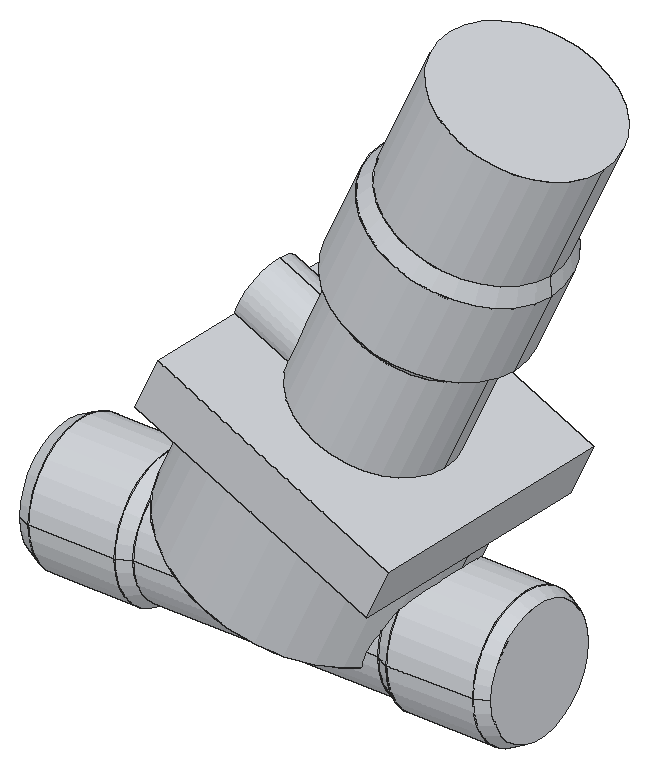
Revit family "OPTIMA_Compact_P_MM_DN20_5,0_RFA_2018", category Pipe Accessories, Revit 2018
Family settings
  Round Connector Dimension = Use Diameter
  Part Type = Valve - Breaks Into
  Work Plane-Based = No
  Always vertical = Yes
  Cut with Voids When Loaded = No
  Shared = No
Parameters (values of type "OPTIMA Compact P DN20 M-M 5.0mm")
  magiProductId = "2f6d325ab3f64974a2f7ca30c30193"
  magiProductFamilyId = "5ce2593e541b4756b7958a6220b877"
  magiPartTypeId = 304
  isMeasuringValve [instance] = no
  ang2D [instance] = 0.00°
  Z6 = 5 mm
  Z5 = 91 mm
  Z4 = 18.303 mm
  Z3 = 13 mm
  Z2 = 8.022 mm
  Z1 = 16.845 mm
  X2 = 12.8 mm
  X1 = 16.8 mm
  W2D = 20 mm
  VersionID = "2.0/2019.5.23.1/FRESE_OPTIMA-P_201"
  VIS0 = no
  Use Minimum Symbol Size [instance] = no
  URL = "www.hydronic.cz"
  Type Comments = "vnější závit; PN25; 0~120°C, dpmax=800kPa; bez měřicích vsuvek"
  TLT2 = 35 mm
  TL = 70 mm
  R7 = 5 mm
  R5 = 13.794 mm
  R4 = 12.54 mm
  R3 = 11.4 mm
  R2__ve = -R2  # -19 mm
  R2 = 19 mm
  R1 = 9 mm
  QmdConnectorList = "301;D;302;D"
  Productdata [instance] = ""
  Manufacturer = "Hydronic Systems Prague s.r.o."
  MC Product Code = "53-4105  (3/4\" M-M; 5.0mm; Qmin~Qmax při dps=5kPa = 198~1032 l/h; Qmin~Qmax při dps=10kPa = 156~809 l/h; kvs=2,7)"
  MC Piping Given Pressure Drop [instance] = 0.0 Pa
  MC Enable LOD 350 = no
  MC Enable LOD 200 = no
  MC Constant Outlet Pressure [instance] = 0.0 Pa
  LLDONLY = not(BBVIS)  # yes
  LLDAndHLD = and(or(LLDONLY, MC Enable LOD 350), not(BBVIS))  # yes
  L4 = 13.435 mm
  L3 = 19 mm
  L2D_Min = 30.48 mm
  L2D = 36.4 mm
  L2 = 44.42 mm
  L = 36.4 mm
  HH = 80.215 mm
  H = 83 mm
  ENBL350 = and(MC Enable LOD 350, not(BBVIS))  # no
  Description = "Armatura pro regulaci průtoku, omezení průtoku a stabilizaci tlakové diference"
  DT2 = 10 mm
  D = 20 mm
  CAT = no
  BBVIS = MC Enable LOD 200  # no
Types (4, lengths in mm): name | magiProductId | Z5 | X2 | X1 | W2D | TLT2 | TL | R1 | MC Product Code | L2D | L | DT2 | D
  OPTIMA Compact P DN15 M-M 2.5mm | "e2c6e2867cb04e20b310fc655d8e25" | 88.5 | 10.5 | 14.5 | 15 | 32.5 | 65 | 6.75 | "53-4100  (1/2\" M-M; 2.5mm; Qmin~Qmax při dps=5kPa = 93~482 l/h; Qmin~Qmax při dps=10kPa = 73~378 l/h; kvs=1,3)" | 36 | 36 | 7.5 | 15
  OPTIMA Compact P DN15 M-M 5.0mm | "de010cba6d924babace2e100200bd1" | 88.5 | 10.5 | 14.5 | 15 | 32.5 | 65 | 6.75 | "53-4102  (1/2\" M-M; 5.0mm; Qmin~Qmax při dps=5kPa = 198~1032 l/h; Qmin~Qmax při dps=10kPa = 156~809 l/h; kvs=2,7)" | 36 | 36 | 7.5 | 15
  OPTIMA Compact P DN20 M-M 2.5mm | "9b3b796f370b421c8a31739fcad6d9" | 91 | 12.8 | 16.8 | 20 | 35 | 70 | 9 | "53-4103  (3/4\" M-M; 2.5mm; Qmin~Qmax při dps=5kPa = 93~482 l/h; Qmin~Qmax při dps=10kPa = 73~378 l/h; kvs=1,3)" | 36.4 | 36.4 | 10 | 20
  OPTIMA Compact P DN20 M-M 5.0mm | "2f6d325ab3f64974a2f7ca30c30193" | 91 | 12.8 | 16.8 | 20 | 35 | 70 | 9 | "53-4105  (3/4\" M-M; 5.0mm; Qmin~Qmax při dps=5kPa = 198~1032 l/h; Qmin~Qmax při dps=10kPa = 156~809 l/h; kvs=2,7)" | 36.4 | 36.4 | 10 | 20
Reference planes
  plane 1 "Center (Front/Back)": y = 0
  plane 2 "XYPLANE": z = 0
  plane 3 "Center (Left/Right)": x = 0
  plane 4 "100": y = -19
  plane 5 "99": y = 19
  plane 6 "98": x = 44.42
  plane 7 "94": through (-654.382, 0, 375.613) normal (0.4226, 0, 0.9063)
  plane 8 "92": through (-655.439, 0, 373.347) normal (0.4226, 0, 0.9063)
  plane 9 "86": z = -10
  plane 10 "76": through (305.901, 0, 683.957) normal (0.9063, 0, -0.4226)
  plane 11 "60": through (-660.933, 0, 361.565) normal (0.4226, 0, 0.9063)
  plane 12 "57": through (-661.99, 0, 359.299) normal (0.4226, 0, 0.9063)
  plane 13 "55": through (-669.109, 0, 344.032) normal (0.4226, 0, 0.9063)
  plane 14 "52": through (-668.263, 0, 345.845) normal (0.4226, 0, 0.9063)
  plane 15 "48": through (-672.499, 0, 336.762) normal (0.4226, 0, 0.9063)
  plane 16 "47": y = -19
  plane 17 "46": y = 19
  plane 18 "45": through (332.184, 0, 671.701) normal (0.9063, 0, -0.4226)
  plane 19 "44": through (297.744, 0, 687.761) normal (0.9063, 0, -0.4226)
  plane 20 "40": through (-682.576, 0, 315.151) normal (0.4226, 0, 0.9063)
  plane 21 "38": through (-679.618, 0, 321.495) normal (0.4226, 0, 0.9063)
  plane 22 "37": y = 0
  plane 23 "36": through (314.964, 0, 679.731) normal (0.9063, 0, -0.4226)
  plane 24 "32": x = 33
  plane 25 "31": x = 20.2
  plane 26 "30": x = 18.2
  plane 27 "19": x = -18.2
  plane 28 "18": x = -20.2
  plane 29 "12": x = -33
  plane 30 "6": x = 35
  plane 31 "5": x = -35
  plane 32 "3": z = 0
  plane 33 "2": y = 0
  plane 34 "33XY": through (-681.731, 0, 316.964) normal (0.4226, 0, 0.9063)
  plane 35 "33XZ": y = 0
  plane 36 "33YZ": through (314.964, 0, 679.731) normal (0.9063, 0, -0.4226)
Forms (mm)
  Extrusion 1, solid, visible <- "BBVIS"
    sketch origin (-750, 0, -10) x (1, 0, 0) y (0, 1, 0)
      loop
        line (715, 19) -> (715, -19) -> (794.42, -19) -> (794.42, 19) -> (715, 19)
    from 0 to 91 <- "Z5"
  Extrusion 2, solid, visible <- "LLDAndHLD"
    sketch origin (-654.382, 0, 375.613) x (0.906308, 0, -0.422618) y (0, 1, 0)
      loop
        circle (750, 0) r 12.54
    from 0 to 18.303 <- "Z4"
  Blend 3, solid, visible <- "LLDAndHLD"
    base sketch origin (-655.439, 0, 373.347) x (0.906308, 0, -0.422618) y (0, 1, 0)
      loop
        circle (750, 0) r 13.794
    top sketch origin (-655.439, 0, 373.347) x (0.906308, 0, -0.422618) y (0, 1, 0)
      loop
        circle (750, 0) r 12.54
    from 0 to 2.5
  Extrusion 4, solid, visible <- "LLDAndHLD"
    sketch origin (-660.933, 0, 361.565) x (0.906308, 0, -0.422618) y (0, 1, 0)
      loop
        circle (750, 0) r 13.794
    from 0 to 13 <- "Z3"
  Blend 5, solid, visible <- "LLDAndHLD"
    base sketch origin (-661.99, 0, 359.299) x (0.906308, 0, -0.422618) y (0, 1, 0)
      loop
        circle (750, 0) r 11.4
    top sketch origin (-661.99, 0, 359.299) x (0.906308, 0, -0.422618) y (0, 1, 0)
      loop
        circle (750, 0) r 12.54
    from 0 to 2.5
  Extrusion 6, solid, visible <- "LLDAndHLD"
    sketch origin (-669.109, 0, 344.032) x (0.906308, 0, -0.422618) y (0, 1, 0)
      loop
        circle (750, 0) r 11.4
    from 0 to 16.845 <- "Z1"
  Extrusion 7, solid, visible <- "LLDAndHLD"
    sketch origin (314.964, 0, 679.731) x (-0.422618, 0, -0.906308) y (0, 1, 0)
      loop
        circle (718.133, 0) r 5
    from 0 to -19 <- "R2__ve"
  Extrusion 8, solid, visible <- "LLDAndHLD"
    sketch origin (-672.499, 0, 336.762) x (0.906308, 0, -0.422618) y (0, 1, 0)
      loop
        line (731, 19) -> (731, -19) -> (769, -19) -> (769, 19) -> (731, 19)
    from 0 to 8.022 <- "Z2"
  Blend 9, solid, visible <- "LLDAndHLD"
    base sketch origin (-682.576, 0, 315.151) x (0.906308, 0, -0.422618) y (0, 1, 0)
      loop
        circle (740, 0) r 9
    top sketch origin (-682.576, 0, 315.151) x (0.906308, 0, -0.422618) y (0, 1, 0)
      loop
        circle (750, 0) r 19
    from 0 to 7
  Extrusion 10, solid, visible <- "LLDAndHLD"
    sketch origin (-679.618, 0, 321.495) x (0.906308, 0, -0.422618) y (0, 1, 0)
      loop
        circle (750, 0) r 19
    from 0 to 16.845 <- "Z1"
  Extrusion 11, solid, visible <- "LLDAndHLD"
    sketch origin (-18.2, -750, 0) x (0, 1, 0) y (0, 0, 1)
      loop
        circle (750, 0) r 9
    from 0 to 36.4 <- "L"
  Blend 12, solid, visible <- "LLDAndHLD"
    base sketch origin (18.2, -750, 0) x (0, 1, 0) y (0, 0, 1)
      loop
        circle (750, 0) r 9
    top sketch origin (18.2, -750, 0) x (0, 1, 0) y (0, 0, 1)
      loop
        circle (750, 0) r 10
    from 0 to 2
  Extrusion 13, solid, visible <- "LLDAndHLD"
    sketch origin (20.2, -750, 0) x (0, 1, 0) y (0, 0, 1)
      loop
        circle (750, 0) r 10
    from 0 to 12.8 <- "X2"
  Blend 14, solid, visible <- "LLDAndHLD"
    base sketch origin (35, -750, 0) x (0, 1, 0) y (0, 0, 1)
      loop
        circle (750, 0) r 9
    top sketch origin (35, -750, 0) x (0, 1, 0) y (0, 0, 1)
      loop
        circle (750, 0) r 10
    from 0 to -2
  Blend 15, solid, visible <- "LLDAndHLD"
    base sketch origin (-18.2, -750, 0) x (0, 1, 0) y (0, 0, 1)
      loop
        circle (750, 0) r 9
    top sketch origin (-18.2, -750, 0) x (0, 1, 0) y (0, 0, 1)
      loop
        circle (750, 0) r 10
    from 0 to -2
  Extrusion 16, solid, visible <- "LLDAndHLD"
    sketch origin (-33, -750, 0) x (0, 1, 0) y (0, 0, 1)
      loop
        circle (750, 0) r 10
    from 0 to 12.8 <- "X2"
  Blend 17, solid, visible <- "LLDAndHLD"
    base sketch origin (-35, -750, 0) x (0, 1, 0) y (0, 0, 1)
      loop
        circle (750, 0) r 9
    top sketch origin (-35, -750, 0) x (0, 1, 0) y (0, 0, 1)
      loop
        circle (750, 0) r 10
    from 0 to 2
  Extrusion 18, solid, not visible
    sketch origin (18.2, -750, 0) x (0, 1, 0) y (0, 0, 1)
      loop
        circle (750, 0) r 10
    from 0 to -10
  Extrusion 19, solid, not visible
    sketch origin (-18.2, -750, 0) x (0, 1, 0) y (0, 0, 1)
      loop
        circle (750, 0) r 10
    from 0 to 10
Lines and regions (mm)
  reference lines, not visible
    curve 1: circle (2, 2, 0) r 1 normal (0, 0, 1)
Dimensions and locks
  plane 1 "Center (Front/Back)" to curve 1 = 2 mm
  "R2": plane 1 "Center (Front/Back)" to plane 4 "100"
  "R2": plane 1 "Center (Front/Back)" to plane 5 "99"
  "L2": plane 3 "Center (Left/Right)" to plane 6 "98"
  locked: plane 8 "92" to plane 7 "94" at 2.5
  "Z3": plane 11 "60" to plane 8 "92"
  "DT2": plane 2 "XYPLANE" to plane 9 "86"
  locked: plane 36 "33YZ" to plane 10 "76" at 10
  locked: plane 12 "57" to plane 11 "60" at 2.5
  "Z1": plane 13 "55" to plane 12 "57"
  "Z2": plane 15 "48" to plane 13 "55"
  locked: plane 13 "55" to plane 14 "52" at 2
  "Z1": plane 21 "38" to plane 15 "48"
  "R2": plane 35 "33XZ" to plane 16 "47"
  "R2": plane 35 "33XZ" to plane 17 "46"
  "R2": plane 36 "33YZ" to plane 18 "45"
  "R2": plane 36 "33YZ" to plane 19 "44"
  locked: plane 34 "33XY" to plane 20 "40" at 2
  locked: plane 34 "33XY" to plane 21 "38" at 5
  locked: plane 35 "33XZ" to plane 22 "37"
  locked: plane 36 "33YZ" to plane 23 "36"
  "X2": plane 25 "31" to plane 24 "32"
  locked: plane 26 "30" to plane 25 "31" at 2
  "L": plane 27 "19" to plane 26 "30"
  locked: plane 28 "18" to plane 27 "19" at 2
  "X2": plane 29 "12" to plane 28 "18"
  locked: plane 31 "5" to plane 29 "12" at 2
  locked: plane 24 "32" to plane 30 "6" at 2
  "TLT2": plane 3 "Center (Left/Right)" to plane 31 "5"
  locked: plane 2 "XYPLANE" to plane 32 "3"
  locked: plane 1 "Center (Front/Back)" to plane 33 "2"
  Extrusion 1 sketch curve to Extrusion 1 sketch curve = 0 mm  (x8)
  Extrusion 8 sketch curve to Extrusion 8 sketch curve = 0 mm  (x8)
  "R4": radius of Extrusion 2 sketch curve
  "R4": radius of Blend 3 sketch curve
  "R5": radius of Blend 3 sketch curve
  "R5": radius of Extrusion 4 sketch curve
  "R4": radius of Blend 5 sketch curve
  "R3": radius of Blend 5 sketch curve
  "R3": radius of Extrusion 6 sketch curve
  "R7": radius of Extrusion 7 sketch curve
  "R2": radius of Blend 9 sketch curve
  "R1": radius of Blend 9 sketch curve
  "R2": radius of Extrusion 10 sketch curve
  "R1": radius of Extrusion 11 sketch curve
  "DT2": radius of Blend 12 sketch curve
  "R1": radius of Blend 12 sketch curve
  "DT2": radius of Extrusion 13 sketch curve
  "DT2": radius of Blend 14 sketch curve
  "R1": radius of Blend 14 sketch curve
  "DT2": radius of Blend 15 sketch curve
  "R1": radius of Blend 15 sketch curve
  "DT2": radius of Extrusion 16 sketch curve
  "DT2": radius of Blend 17 sketch curve
  "R1": radius of Blend 17 sketch curve
  aligned and locked: level to plane 2 "XYPLANE"
  aligned and locked: Extrusion 1 sketch curve to plane 31 "5"
  aligned and locked: plane 5 "99" to Extrusion 1 sketch curve  (x2)
  aligned and locked: plane 4 "100" to Extrusion 1 sketch curve  (x2)
  aligned and locked: plane 31 "5" to Extrusion 1 sketch curve
  aligned and locked: plane 6 "98" to Extrusion 1 sketch curve  (x2)
  aligned and locked: plane 22 "37" to Extrusion 2 sketch curve
  aligned and locked: Extrusion 2 sketch curve to plane 23 "36"
  aligned and locked: plane 22 "37" to Blend 3 sketch curve  (x2)
  aligned and locked: Blend 3 sketch curve to plane 23 "36"  (x2)
  aligned and locked: plane 7 "94" to Blend 3
  aligned and locked: plane 22 "37" to Extrusion 4 sketch curve
  aligned and locked: Extrusion 4 sketch curve to plane 23 "36"
  aligned and locked: plane 22 "37" to Blend 5 sketch curve  (x2)
  aligned and locked: Blend 5 sketch curve to plane 23 "36"  (x2)
  aligned and locked: plane 11 "60" to Blend 5
  aligned and locked: plane 22 "37" to Extrusion 6 sketch curve
  aligned and locked: Extrusion 6 sketch curve to plane 23 "36"
  aligned and locked: plane 14 "52" to Extrusion 7 sketch curve
  aligned and locked: plane 22 "37" to Extrusion 7 sketch curve
  aligned and locked: Extrusion 8 sketch curve to plane 19 "44"  (x2)
  aligned and locked: plane 17 "46" to Extrusion 8 sketch curve  (x2)
  aligned and locked: Extrusion 8 sketch curve to plane 16 "47"
  aligned and locked: Extrusion 8 sketch curve to plane 18 "45"
  aligned and locked: plane 16 "47" to Extrusion 8 sketch curve
  aligned and locked: plane 18 "45" to Extrusion 8 sketch curve
  aligned and locked: plane 22 "37" to Blend 9 sketch curve  (x2)
  aligned and locked: Blend 9 sketch curve to plane 23 "36"
  aligned and locked: Blend 9 sketch curve to plane 10 "76"
  aligned and locked: plane 21 "38" to Blend 9
  aligned and locked: plane 22 "37" to Extrusion 10 sketch curve
  aligned and locked: Extrusion 10 sketch curve to plane 23 "36"
  aligned and locked: plane 32 "3" to Extrusion 11 sketch curve
  aligned and locked: Extrusion 11 sketch curve to plane 33 "2"
  aligned and locked: plane 32 "3" to Blend 12 sketch curve  (x2)
  aligned and locked: Blend 12 sketch curve to plane 33 "2"  (x2)
  aligned and locked: plane 25 "31" to Blend 12
  aligned and locked: plane 32 "3" to Extrusion 13 sketch curve
  aligned and locked: Extrusion 13 sketch curve to plane 33 "2"
  aligned and locked: plane 32 "3" to Blend 14 sketch curve  (x2)
  aligned and locked: Blend 14 sketch curve to plane 33 "2"  (x2)
  aligned and locked: Blend 14 to plane 24 "32"
  aligned and locked: plane 32 "3" to Blend 15 sketch curve  (x2)
  aligned and locked: Blend 15 sketch curve to plane 33 "2"  (x2)
  aligned and locked: Blend 15 to plane 28 "18"
  aligned and locked: plane 32 "3" to Extrusion 16 sketch curve
  aligned and locked: Extrusion 16 sketch curve to plane 33 "2"
  aligned and locked: plane 32 "3" to Blend 17 sketch curve  (x2)
  aligned and locked: Blend 17 sketch curve to plane 33 "2"  (x2)
  aligned and locked: plane 29 "12" to Blend 17
  aligned and locked: plane 32 "3" to Extrusion 18 sketch curve
  aligned and locked: Extrusion 18 sketch curve to plane 33 "2"
  aligned and locked: plane 32 "3" to Extrusion 19 sketch curve
  aligned and locked: Extrusion 19 sketch curve to plane 33 "2"
Automatic sketch dimensions
  plane 4 "100" to Extrusion 18 sketch curve = 9 mm
  plane 4 "100" to Extrusion 19 sketch curve = 9 mm
  plane 3 "Center (Left/Right)" to curve 1 = 2 mm
  radius of curve 1 = 1 mm
Nested families
  nested 1: "1_RadialArray" at (10.622, 0, 27.068) x (0.6409, 0.7071, -0.2988) z (0.4226, 0, 0.9063), L1 <- "L3", type "Family2"
    with StartAngle 0.00°, NumberOfObjects 4, ModelLinesVisible no, L1 19 mm, H 5 mm, DN 10 mm, ArcAngle 360.00°
Connectors
  piping at (-18.2, 0, 0), diameter 20, driven by "D"
    settings: on Extrusion 19, index 1, connector inside diameter 609.6 mm, connector length 0 mm, flow factor 0, pipe flow 0.0 L/s, pressure drop 0.0 Pa, fitting loss kfactor 0, connector angle 0.00°, fixture units 0, engagement length 0 mm, angle of deflection 0.00°, flow configuration 0, flow direction 0, fitting loss method 0, system type 29, joint type 0, gender type 0, connector reference index 2, connector utility 0, adjustable connector no, is connector primary yes, connector description ""
  piping at (18.2, 0, 0), diameter 20, driven by "D"
    settings: on Extrusion 18, index 2, connector inside diameter 609.6 mm, connector length 0 mm, flow factor 0, pipe flow 0.0 L/s, pressure drop 0.0 Pa, fitting loss kfactor 0, connector angle 0.00°, fixture units 0, engagement length 0 mm, angle of deflection 0.00°, flow configuration 0, flow direction 0, fitting loss method 0, system type 29, joint type 0, gender type 0, connector reference index 1, connector utility 0, adjustable connector no, is connector primary no, connector description ""
